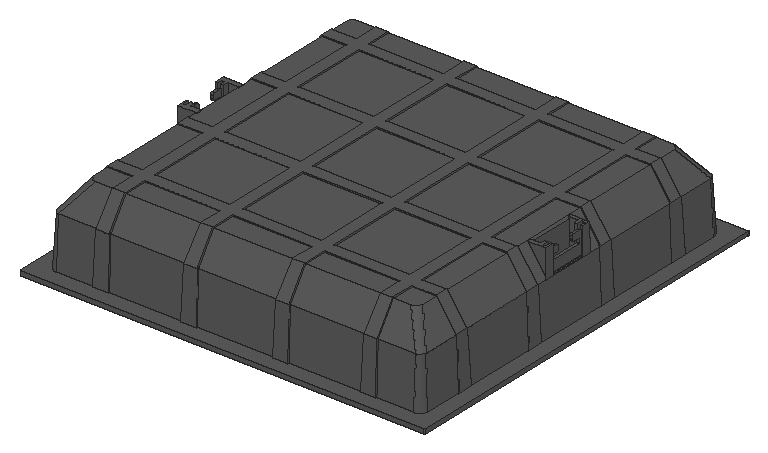
Revit family "STL24908BR_30_40_STL24908PTO_30_40", category Luminárias, Revit 2023
Family settings
  Hospedeiro = Forro
  Cota do conector redondo = Utilizar diâmetro
  Tipo de parte = Normal
  Número OmniClass = 23.80.70.11
  Título OmniClass = Luminaries for Internal Lighting
  Sempre na vertical = Sim
  Corte com vazios quando carregada = Não
  Fonte luminosa = Sim
  Manter orientação da anotação = Não
  Compartilhado = Não
  Ponto de cálculo do ambiente = Não
Parameters (values of type "STL24908PTO/40 - BIVOLT - 4000K - 1200lm - 85°")
  Ângulo de inclinação = 90.00°
  Ângulo de Abertura = "85°"
  Wattage = 8.07853 W
  URL = "https://stella.com.br/"
  Troca de temperatura da cor de lâmpada com esmaecimento = <Nenhum>
  Tensão Elétrica = "100V-240V"
  built-in parameter 1150107 = 4000 (stored number, unit not read)
  Temperatura da cor (K) = 4000 K
  Referência = "STL24908PTO/40 - BIVOLT"
  Potência = 20 W
  built-in parameter 1150110 = 1 (stored number, unit not read)
  built-in parameter 1150109 = 1 (stored number, unit not read)
  built-in parameter 1114218 = 1 (stored number, unit not read)
  built-in parameter 1150112 = 1 (stored number, unit not read)
  built-in parameter 1150113 = 1 (stored number, unit not read)
  built-in parameter 1150132 = 2
  built-in parameter 1150137 = (empty or 0)
  Modelo = "S.Deep - Luminária de Embutir Super-recuada"
  Luminoso = Luminoso - 4000K
  built-in parameter 1150106 = 6.4344 (stored number, unit not read)
  Largura = 0.30 m
  built-in parameter 1150102 = (empty or 0)
  built-in parameter 1150105 = 643.44 (stored number, unit not read)
  IRC (Índice de reprodução de cores) = ">93 (R9 >60)"
  Grau de proteção (IP) = "IP20"
  Fluxo Luminoso = 1200 lm
  Color Filter = 16777215
  built-in parameter 1114217 = 1 (stored number, unit not read)
  built-in parameter 1150139 = (empty or 0)
  Fabricante = "Stella"
  Estrutura = Al - Preto
  Default Elevation = 0.00 m
  built-in parameter 1150104 = 13.8 (stored number, unit not read)
  Dimerização = "20-100%"
  built-in parameter 1150115 = 1 (stored number, unit not read)
  built-in parameter 1150114 = 1 (stored number, unit not read)
  Lumens = 1200 lm
  built-in parameter 1150138 = (empty or 0)
  built-in parameter 1150134 = 12
  Comprimento = 0.30 m
  Arquivo de rede fotométrica = "STELLA - STL24908PTO-40 - PAINEL DE EMBUTIR SUPER RECUADO S.DEEP 20W.ies"
  Altura = 0.062 m
  built-in parameter 1150133 = 10 (stored number, unit not read)
Types (4, lengths in m): name | Wattage | built-in parameter 1150107 | Temperatura da cor (K) | Referência | Luminoso | built-in parameter 1150106 | built-in parameter 1150105 | Fluxo Luminoso | Estrutura | Lumens | built-in parameter 1150134 | Arquivo de rede fotométrica
  STL24908BR/30 - BIVOLT - 3000K - 1600lm - 85° | 10.7714 W | 3000 (stored number, unit not read) | 3000 K | "STL24908BR/30 - BIVOLT" | Luminoso - 3000K | 8.3736 (stored number, unit not read) | 837.36 (stored number, unit not read) | 1600 lm | Al - Branco | 1600 lm | (empty or 0) | "STELLA - STL24908BR-30 - PAINEL DE EMBUTIR SUPER RECUADO S.DEEP 20W.ies"
  STL24908BR/40 - BIVOLT - 4000K - 1700lm - 85° | 11.4446 W | 4000 (stored number, unit not read) | 4000 K | "STL24908BR/40 - BIVOLT" | Luminoso - 4000K | 8.8085 (stored number, unit not read) | 880.85 (stored number, unit not read) | 1700 lm | Al - Branco | 1700 lm | 12 | "STELLA - STL24908BR-40 - PAINEL DE EMBUTIR SUPER RECUADO S.DEEP 20W.ies"
  STL24908PTO/30 - BIVOLT - 3000K - 1100lm - 85° | 7.40531 W | 3000 (stored number, unit not read) | 3000 K | "STL24908PTO/30 - BIVOLT" | Luminoso - 3000K | 5.9297 (stored number, unit not read) | 592.97 (stored number, unit not read) | 1100 lm | Al - Preto | 1100 lm | (empty or 0) | "STELLA - STL24908PTO-30 - PAINEL DE EMBUTIR SUPER RECUADO S.DEEP 20W.ies"
  STL24908PTO/40 - BIVOLT - 4000K - 1200lm - 85° | 8.07853 W | 4000 (stored number, unit not read) | 4000 K | "STL24908PTO/40 - BIVOLT" | Luminoso - 4000K | 6.4344 (stored number, unit not read) | 643.44 (stored number, unit not read) | 1200 lm | Al - Preto | 1200 lm | 12 | "STELLA - STL24908PTO-40 - PAINEL DE EMBUTIR SUPER RECUADO S.DEEP 20W.ies"
Reference planes (m)
  plane 1 "Eixo de origem da luz (F/T)": y = 0
  plane 2: z = 0
  plane 3 "Eixo de origem da luz (E/D)": x = 0
  plane 4 "Forro": z = 2.5015
  plane 5 "Elevação da origem da luz": z = 2.5085
  plane 6: x = -0.15
  plane 7: x = 0.15
  plane 8: y = -0.15
  plane 9: y = 0.15
  plane 10: z = 2.4985
  plane 11 "Superior": z = 2.5605
Forms (m)
  Sweep 1, solid, material "Al - Preto" <- "Estrutura"
    path origin (0, 0, 2.5085) x (-1, 0, 0) y (0, -1, 0)
      loop
        line (0.138099, -0.132108) -> (0.138099, 0.132108)
        arc (0.138099, 0.132108) -> (0.136344, 0.136344) -> (0.132108, 0.138099) r 0.005992
        line (0.132108, 0.138099) -> (-0.132108, 0.138099)
        arc (-0.132108, 0.138099) -> (-0.136344, 0.136344) -> (-0.138099, 0.132108) r 0.005992
        line (-0.138099, 0.132108) -> (-0.138099, -0.132108)
        arc (-0.138099, -0.132108) -> (-0.136344, -0.136344) -> (-0.132108, -0.138099) r 0.005992
        line (-0.132108, -0.138099) -> (0.132108, -0.138099)
        arc (0.132108, -0.138099) -> (0.136344, -0.136344) -> (0.138099, -0.132108) r 0.005992
    profile origin (-0.138099, 0, 2.5085) x (1, 0, 0) y (0, 0, 1)
      loop
        line (0.003932, 0.030013) -> (0.002018, 0.0307) -> (-0.00001, -0.007) -> (0.001992, -0.007) -> (0.003932, 0.030013)
  Blend 2, solid, material "Al - Preto" <- "Estrutura"
    base sketch origin (0, 0, 2.5015) x (0, 1, 0) y (-1, 0, 0)
      loop
        line (0.136082, -0.132113) -> (0.136082, 0.1319)
        arc (0.136082, 0.1319) -> (0.134857, 0.134857) -> (0.1319, 0.136082) r 0.004182
        line (0.1319, 0.136082) -> (-0.132113, 0.136082)
        arc (-0.132113, 0.136082) -> (-0.134932, 0.134914) -> (-0.136099, 0.132095) r 0.003986
        line (-0.136099, 0.132095) -> (-0.136099, -0.132106)
        arc (-0.136099, -0.132106) -> (-0.13493, -0.13493) -> (-0.132106, -0.136099) r 0.003993
        line (-0.132106, -0.136099) -> (0.132095, -0.136099)
        arc (0.132095, -0.136099) -> (0.134914, -0.134932) -> (0.136082, -0.132113) r 0.003986
    top sketch origin (0, 0, 2.5015) x (0, 1, 0) y (-1, 0, 0)
      loop
        line (0.116703, 0.121588) -> (-0.116703, 0.121588)
        arc (-0.116703, 0.121588) -> (-0.120157, 0.120157) -> (-0.121588, 0.116703) r 0.004884
        line (-0.121588, 0.116703) -> (-0.121588, -0.116703)
        arc (-0.121588, -0.116703) -> (-0.120157, -0.120157) -> (-0.116703, -0.121588) r 0.004884
        line (-0.116703, -0.121588) -> (0.116703, -0.121588)
        arc (0.116703, -0.121588) -> (0.120157, -0.120157) -> (0.121588, -0.116703) r 0.004884
        line (0.121588, -0.116703) -> (0.121588, 0.116703)
        arc (0.121588, 0.116703) -> (0.120157, 0.120157) -> (0.116703, 0.121588) r 0.004884
    from 0.0377 to 0.0583
  Blend 3, solid, material "Al - Preto" <- "Estrutura"
    base sketch origin (0, 0, 2.5015) x (0, 1, 0) y (-1, 0, 0)
      loop
        line (0.136607, -0.132108) -> (0.136607, 0.132108)
        arc (0.136607, 0.132108) -> (0.135289, 0.135289) -> (0.132108, 0.136607) r 0.0045
        line (0.132108, 0.136607) -> (-0.132108, 0.136607)
        arc (-0.132108, 0.136607) -> (-0.135289, 0.135289) -> (-0.136607, 0.132108) r 0.0045
        line (-0.136607, 0.132108) -> (-0.136607, -0.132108)
        arc (-0.136607, -0.132108) -> (-0.135289, -0.135289) -> (-0.132108, -0.136607) r 0.0045
        line (-0.132108, -0.136607) -> (0.132108, -0.136607)
        arc (0.132108, -0.136607) -> (0.135289, -0.135289) -> (0.136607, -0.132108) r 0.0045
    top sketch origin (0, 0, 2.5015) x (0, 1, 0) y (-1, 0, 0)
      loop
        line (0.116703, 0.121788) -> (-0.116703, 0.121788)
        arc (-0.116703, 0.121788) -> (-0.120299, 0.120299) -> (-0.121788, 0.116703) r 0.005084
        line (-0.121788, 0.116703) -> (-0.121788, -0.116703)
        arc (-0.121788, -0.116703) -> (-0.120299, -0.120299) -> (-0.116703, -0.121788) r 0.005084
        line (-0.116703, -0.121788) -> (0.116703, -0.121788)
        arc (0.116703, -0.121788) -> (0.120299, -0.120299) -> (0.121788, -0.116703) r 0.005084
        line (0.121788, -0.116703) -> (0.121788, 0.116703)
        arc (0.121788, 0.116703) -> (0.120299, 0.120299) -> (0.116703, 0.121788) r 0.005084
    from 0.037872 to 0.0588
  Extrusion 4, void
    sketch origin (0, 0, 2.5015) x (0, 1, 0) y (-1, 0, 0)
      loop
        line (0.121181, 0.103491) -> (0.136049, 0.103858) -> (0.139669, 0.105017) -> (0.139669, 0.139179) -> (0.104874, 0.139179) -> (0.103862, 0.136142) -> (0.103491, 0.121181) -> (0.103491, 0.103491) -> (0.121181, 0.103491)
      loop
        line (0.121181, 0.094509) -> (0.103491, 0.094509) -> (0.103491, 0.038491) -> (0.121181, 0.038491) -> (0.136049, 0.038858) -> (0.139669, 0.040017) -> (0.139669, 0.092983) -> (0.136049, 0.094142) -> (0.121181, 0.094509)
      loop
        line (0.121181, 0.029509) -> (0.103491, 0.029509) -> (0.103491, -0.029509) -> (0.121181, -0.029509) -> (0.136049, -0.029142) -> (0.139669, -0.027983) -> (0.139669, 0.027983) -> (0.136049, 0.029142) -> (0.121181, 0.029509)
      loop
        line (0.121181, -0.103491) -> (0.103491, -0.103491) -> (0.103491, -0.121181) -> (0.103862, -0.136142) -> (0.104874, -0.139179) -> (0.139669, -0.139179) -> (0.139669, -0.105017) -> (0.136049, -0.103858) -> (0.121181, -0.103491)
      loop
        line (0.121181, -0.094509) -> (0.136049, -0.094142) -> (0.139669, -0.092983) -> (0.139669, -0.040017) -> (0.136049, -0.038858) -> (0.121181, -0.038491) -> (0.103491, -0.038491) -> (0.103491, -0.094509) -> (0.121181, -0.094509)
      loop
        line (-0.121181, 0.103491) -> (-0.103491, 0.103491) -> (-0.103491, 0.121181) -> (-0.103862, 0.136142) -> (-0.104874, 0.139179) -> (-0.139669, 0.139179) -> (-0.139669, 0.105017) -> (-0.136049, 0.103858) -> (-0.121181, 0.103491)
      loop
        line (-0.121181, 0.094509) -> (-0.136049, 0.094142) -> (-0.139669, 0.092983) -> (-0.139669, 0.040017) -> (-0.136049, 0.038858) -> (-0.121181, 0.038491) -> (-0.103491, 0.038491) -> (-0.103491, 0.094509) -> (-0.121181, 0.094509)
      loop
        line (-0.121181, 0.029509) -> (-0.136049, 0.029142) -> (-0.139669, 0.027983) -> (-0.139669, -0.027983) -> (-0.136049, -0.029142) -> (-0.121181, -0.029509) -> (-0.103491, -0.029509) -> (-0.103491, 0.029509) -> (-0.121181, 0.029509)
      loop
        line (-0.121181, -0.103491) -> (-0.136049, -0.103858) -> (-0.139669, -0.105017) -> (-0.139669, -0.139179) -> (-0.104874, -0.139179) -> (-0.103862, -0.136142) -> (-0.103491, -0.121181) -> (-0.103491, -0.103491) -> (-0.121181, -0.103491)
      loop
        line (-0.121181, -0.094509) -> (-0.103491, -0.094509) -> (-0.103491, -0.038491) -> (-0.121181, -0.038491) -> (-0.136049, -0.038858) -> (-0.139669, -0.040017) -> (-0.139669, -0.092983) -> (-0.136049, -0.094142) -> (-0.121181, -0.094509)
      loop
        line (-0.094509, 0.121181) -> (-0.094509, 0.103491) -> (-0.038491, 0.103491) -> (-0.038491, 0.121181) -> (-0.038858, 0.136049) -> (-0.040017, 0.139669) -> (-0.092983, 0.139669) -> (-0.094142, 0.136049) -> (-0.094509, 0.121181)
      loop
        line (-0.029509, 0.121181) -> (-0.029509, 0.103491) -> (0.029509, 0.103491) -> (0.029509, 0.121181) -> (0.029142, 0.136049) -> (0.027983, 0.139669) -> (-0.027983, 0.139669) -> (-0.029142, 0.136049) -> (-0.029509, 0.121181)
      loop
        line (0.094509, 0.121181) -> (0.094142, 0.136049) -> (0.092983, 0.139669) -> (0.040017, 0.139669) -> (0.038858, 0.136049) -> (0.038491, 0.121181) -> (0.038491, 0.103491) -> (0.094509, 0.103491) -> (0.094509, 0.121181)
      loop
        line (-0.094509, -0.121181) -> (-0.094142, -0.136049) -> (-0.092983, -0.139669) -> (-0.040017, -0.139669) -> (-0.038858, -0.136049) -> (-0.038491, -0.121181) -> (-0.038491, -0.103491) -> (-0.094509, -0.103491) -> (-0.094509, -0.121181)
      loop
        line (-0.029509, -0.121181) -> (-0.029142, -0.136049) -> (-0.027983, -0.139669) -> (0.027983, -0.139669) -> (0.029142, -0.136049) -> (0.029509, -0.121181) -> (0.029509, -0.103491) -> (-0.029509, -0.103491) -> (-0.029509, -0.121181)
      loop
        line (0.094509, -0.121181) -> (0.094509, -0.103491) -> (0.038491, -0.103491) -> (0.038491, -0.121181) -> (0.038858, -0.136049) -> (0.040017, -0.139669) -> (0.092983, -0.139669) -> (0.094142, -0.136049) -> (0.094509, -0.121181)
      loop
        line (0.094509, 0.094509) -> (0.038491, 0.094509) -> (0.038491, 0.038491) -> (0.094509, 0.038491) -> (0.094509, 0.094509)
      loop
        line (-0.094509, 0.094509) -> (-0.094509, 0.038491) -> (-0.038491, 0.038491) -> (-0.038491, 0.094509) -> (-0.094509, 0.094509)
      loop
        line (0.094509, -0.094509) -> (0.094509, -0.038491) -> (0.038491, -0.038491) -> (0.038491, -0.094509) -> (0.094509, -0.094509)
      loop
        line (-0.094509, -0.094509) -> (-0.038491, -0.094509) -> (-0.038491, -0.038491) -> (-0.094509, -0.038491) -> (-0.094509, -0.094509)
      loop
        line (0.094509, -0.029509) -> (0.094509, 0.029509) -> (0.038491, 0.029509) -> (0.038491, -0.029509) -> (0.094509, -0.029509)
      loop
        line (-0.094509, -0.029509) -> (-0.038491, -0.029509) -> (-0.038491, 0.029509) -> (-0.094509, 0.029509) -> (-0.094509, -0.029509)
      loop
        line (0.029509, 0.094509) -> (-0.029509, 0.094509) -> (-0.029509, 0.038491) -> (0.029509, 0.038491) -> (0.029509, 0.094509)
      loop
        line (0.029509, 0.029509) -> (-0.029509, 0.029509) -> (-0.029509, -0.029509) -> (0.029509, -0.029509) -> (0.029509, 0.029509)
      loop
        line (0.029509, -0.038491) -> (-0.029509, -0.038491) -> (-0.029509, -0.094509) -> (0.029509, -0.094509) -> (0.029509, -0.038491)
    from 0 to 0.0588
  Sweep 5, solid, material "Al - Preto" <- "Estrutura"
    path origin (0, 0, 2.5085) x (-1, 0, 0) y (0, -1, 0)
      loop
        line (0.138099, -0.132108) -> (0.138099, 0.132108)
        arc (0.138099, 0.132108) -> (0.136344, 0.136344) -> (0.132108, 0.138099) r 0.005992
        line (0.132108, 0.138099) -> (-0.132108, 0.138099)
        arc (-0.132108, 0.138099) -> (-0.136344, 0.136344) -> (-0.138099, 0.132108) r 0.005992
        line (-0.138099, 0.132108) -> (-0.138099, -0.132108)
        arc (-0.138099, -0.132108) -> (-0.136344, -0.136344) -> (-0.132108, -0.138099) r 0.005992
        line (-0.132108, -0.138099) -> (0.132108, -0.138099)
        arc (0.132108, -0.138099) -> (0.136344, -0.136344) -> (0.138099, -0.132108) r 0.005992
    profile origin (-0.138099, 0, 2.5085) x (1, 0, 0) y (0, 0, 1)
      loop
        line (0.001492, -0.007) -> (0.00344, 0.030185) -> (0.001474, 0.030872) -> (-0.000511, -0.007) -> (0.001492, -0.007)
  Extrusion 6, solid, material "Al - Preto" <- "Estrutura"
    sketch origin (0, 0, 0) x (-1, 0, 0) y (0, 0, -1)
      loop
        line (0.121588, -2.5598) -> (0.135722, -2.5598) -> (0.136082, -2.5392) -> (0.121053, -2.5392) -> (0.121588, -2.5598)
    from -0.0215 to 0.0215
  Extrusion 7, solid, material "Al - Preto" <- "Estrutura"
    sketch origin (0, 0, 0) x (0, 1, 0) y (0, 0, -1)
      loop
        line (-0.0155, -2.5562) -> (-0.008, -2.5562)
        arc (-0.008, -2.5562) -> (-0.007293, -2.555907) -> (-0.007, -2.5552) r 0.001
        line (-0.007, -2.5552) -> (-0.007, -2.5527)
        arc (-0.007, -2.5527) -> (-0.007293, -2.551993) -> (-0.008, -2.5517) r 0.001
        line (-0.008, -2.5517) -> (-0.013, -2.5517)
        arc (-0.013, -2.5517) -> (-0.013354, -2.551554) -> (-0.0135, -2.5512) r 0.0005
        line (-0.0135, -2.5512) -> (-0.0135, -2.5481)
        arc (-0.0135, -2.5481) -> (-0.013354, -2.547746) -> (-0.013, -2.5476) r 0.0005
        line (-0.013, -2.5476) -> (0.013, -2.5476)
        arc (0.013, -2.5476) -> (0.013354, -2.547746) -> (0.0135, -2.5481) r 0.0005
        line (0.0135, -2.5481) -> (0.0135, -2.5512)
        arc (0.0135, -2.5512) -> (0.013354, -2.551554) -> (0.013, -2.5517) r 0.0005
        line (0.013, -2.5517) -> (0.008, -2.5517)
        arc (0.008, -2.5517) -> (0.007293, -2.551993) -> (0.007, -2.5527) r 0.001
        line (0.007, -2.5527) -> (0.007, -2.5552)
        arc (0.007, -2.5552) -> (0.007293, -2.555907) -> (0.008, -2.5562) r 0.001
        line (0.008, -2.5562) -> (0.0155, -2.5562)
        arc (0.0155, -2.5562) -> (0.016914, -2.555614) -> (0.0175, -2.5542) r 0.002
        line (0.0175, -2.5542) -> (0.0175, -2.5371) -> (0.0205, -2.5371)
        arc (0.0205, -2.5371) -> (0.021207, -2.536807) -> (0.0215, -2.5361) r 0.001
        line (0.0215, -2.5361) -> (0.0215, -2.5341)
        arc (0.0215, -2.5341) -> (0.021207, -2.533393) -> (0.0205, -2.5331) r 0.001
        line (0.0205, -2.5331) -> (-0.0205, -2.5331)
        arc (-0.0205, -2.5331) -> (-0.021207, -2.533393) -> (-0.0215, -2.5341) r 0.001
        line (-0.0215, -2.5341) -> (-0.0215, -2.5361)
        arc (-0.0215, -2.5361) -> (-0.021207, -2.536807) -> (-0.0205, -2.5371) r 0.001
        line (-0.0205, -2.5371) -> (-0.0175, -2.5371) -> (-0.0175, -2.5542)
        arc (-0.0175, -2.5542) -> (-0.016914, -2.555614) -> (-0.0155, -2.5562) r 0.002
    from 0.132136 to 0.134136
  Extrusion 8, void
    sketch origin (0, 0, 2.5015) x (0, -1, 0) y (1, 0, 0)
      loop
        line (-0.01739, -0.129642) -> (-0.01389, -0.129642) -> (-0.01389, -0.132001) -> (-0.0175, -0.132001) -> (-0.0175, -0.134236) -> (-0.01389, -0.134236) -> (-0.01389, -0.137025) -> (0.01389, -0.137025) -> (0.01389, -0.134236) -> (0.0175, -0.134236) -> (0.0175, -0.132001) -> (0.01389, -0.132001) -> (0.01389, -0.129642) -> (0.01739, -0.129642) -> (0.01739, -0.120352) -> (-0.01739, -0.120352) -> (-0.01739, -0.129642)
    from 0.0379 to 0.0583
  Extrusion 9, void
    sketch origin (0, 0, 0) x (1, 0, 0) y (0, 0, 1)
      loop
        line (-0.123124, 2.5394) -> (-0.122798, 2.55808) -> (-0.121588, 2.5598) -> (-0.13811, 2.5598) -> (-0.13811, 2.5394) -> (-0.123124, 2.5394)
    from -0.0185 to 0.0185
  Extrusion 10, solid, material "Al - Preto" <- "Estrutura"
    sketch origin (0, 0, 0) x (1, 0, 0) y (0, 0, 1)
      loop
        line (0.121588, 2.5598) -> (0.121053, 2.5392) -> (0.136082, 2.5392) -> (0.135722, 2.5598) -> (0.121588, 2.5598)
    from -0.0215 to 0.0215
  Extrusion 11, void
    sketch origin (0, 0, 0) x (-1, 0, 0) y (0, 0, -1)
      loop
        line (-0.123124, -2.5394) -> (-0.13811, -2.5394) -> (-0.13811, -2.5598) -> (-0.121588, -2.5598) -> (-0.122798, -2.55808) -> (-0.123124, -2.5394)
    from -0.0185 to 0.018495
  Extrusion 12, void
    sketch origin (0, 0, 2.5015) x (0, 1, 0) y (-1, 0, 0)
      loop
        line (0.01739, -0.129642) -> (0.01739, -0.120352) -> (-0.01739, -0.120352) -> (-0.01739, -0.129642) -> (-0.01389, -0.129642) -> (-0.01389, -0.132001) -> (-0.0175, -0.132001) -> (-0.0175, -0.134236) -> (-0.01389, -0.134236) -> (-0.01389, -0.137025) -> (0.01389, -0.137025) -> (0.01389, -0.134236) -> (0.0175, -0.134236) -> (0.0175, -0.132001) -> (0.01389, -0.132001) -> (0.01389, -0.129642) -> (0.01739, -0.129642)
    from 0.0379 to 0.0583
  Extrusion 13, solid, material "Al - Preto" <- "Estrutura"
    sketch origin (0, 0, 0) x (0, 1, 0) y (0, 0, 1)
      loop
        arc (-0.0155, 2.5562) -> (-0.016914, 2.555614) -> (-0.0175, 2.5542) r 0.002
        line (-0.0175, 2.5542) -> (-0.0175, 2.5371) -> (-0.0205, 2.5371)
        arc (-0.0205, 2.5371) -> (-0.021207, 2.536807) -> (-0.0215, 2.5361) r 0.001
        line (-0.0215, 2.5361) -> (-0.0215, 2.5341)
        arc (-0.0215, 2.5341) -> (-0.021207, 2.533393) -> (-0.0205, 2.5331) r 0.001
        line (-0.0205, 2.5331) -> (0.0205, 2.5331)
        arc (0.0205, 2.5331) -> (0.021207, 2.533393) -> (0.0215, 2.5341) r 0.001
        line (0.0215, 2.5341) -> (0.0215, 2.5361)
        arc (0.0215, 2.5361) -> (0.021207, 2.536807) -> (0.0205, 2.5371) r 0.001
        line (0.0205, 2.5371) -> (0.0175, 2.5371) -> (0.0175, 2.5542)
        arc (0.0175, 2.5542) -> (0.016914, 2.555614) -> (0.0155, 2.5562) r 0.002
        line (0.0155, 2.5562) -> (0.008, 2.5562)
        arc (0.008, 2.5562) -> (0.007293, 2.555907) -> (0.007, 2.5552) r 0.001
        line (0.007, 2.5552) -> (0.007, 2.5527)
        arc (0.007, 2.5527) -> (0.007293, 2.551993) -> (0.008, 2.5517) r 0.001
        line (0.008, 2.5517) -> (0.013, 2.5517)
        arc (0.013, 2.5517) -> (0.013354, 2.551554) -> (0.0135, 2.5512) r 0.0005
        line (0.0135, 2.5512) -> (0.0135, 2.5481)
        arc (0.0135, 2.5481) -> (0.013354, 2.547746) -> (0.013, 2.5476) r 0.0005
        line (0.013, 2.5476) -> (-0.013, 2.5476)
        arc (-0.013, 2.5476) -> (-0.013354, 2.547746) -> (-0.0135, 2.5481) r 0.0005
        line (-0.0135, 2.5481) -> (-0.0135, 2.5512)
        arc (-0.0135, 2.5512) -> (-0.013354, 2.551554) -> (-0.013, 2.5517) r 0.0005
        line (-0.013, 2.5517) -> (-0.008, 2.5517)
        arc (-0.008, 2.5517) -> (-0.007293, 2.551993) -> (-0.007, 2.5527) r 0.001
        line (-0.007, 2.5527) -> (-0.007, 2.5552)
        arc (-0.007, 2.5552) -> (-0.007293, 2.555907) -> (-0.008, 2.5562) r 0.001
        line (-0.008, 2.5562) -> (-0.0155, 2.5562)
    from 0.132136 to 0.134136
  Extrusion 14, void
    sketch origin (0, 0, 0) x (0, 1, 0) y (0, 0, 1)
      loop
        line (-0.02015, 2.536903) -> (-0.019741, 2.5603) -> (-0.023686, 2.5603) -> (-0.023686, 2.536903) -> (-0.02015, 2.536903)
      loop
        line (0.02015, 2.536903) -> (0.023686, 2.536903) -> (0.023686, 2.5603) -> (0.019741, 2.5603) -> (0.02015, 2.536903)
    from 0.119524 to 0.138099
  Extrusion 15, void
    sketch origin (0, 0, 0) x (0, 1, 0) y (0, 0, -1)
      loop
        line (-0.02015, -2.536903) -> (-0.023686, -2.536903) -> (-0.023686, -2.5603) -> (-0.019741, -2.5603) -> (-0.02015, -2.536903)
      loop
        line (0.02015, -2.536903) -> (0.019741, -2.5603) -> (0.023686, -2.5603) -> (0.023686, -2.536903) -> (0.02015, -2.536903)
    from 0.119524 to 0.138099
  Blend 16, void
    base sketch origin (0, 0, 2.5015) x (0, 1, 0) y (-1, 0, 0)
      loop
        line (0.132073, 0.134385) -> (-0.132073, 0.134385)
        arc (-0.132073, 0.134385) -> (-0.133708, 0.133708) -> (-0.134385, 0.132073) r 0.002313
        line (-0.134385, 0.132073) -> (-0.134385, -0.132073)
        arc (-0.134385, -0.132073) -> (-0.133708, -0.133708) -> (-0.132073, -0.134385) r 0.002313
        line (-0.132073, -0.134385) -> (0.132073, -0.134385)
        arc (0.132073, -0.134385) -> (0.133708, -0.133708) -> (0.134385, -0.132073) r 0.002313
        line (0.134385, -0.132073) -> (0.134385, 0.132073)
        arc (0.134385, 0.132073) -> (0.133708, 0.133708) -> (0.132073, 0.134385) r 0.002313
    top sketch origin (0, 0, 2.5015) x (0, 1, 0) y (-1, 0, 0)
      loop
        line (0.119182, 0.12095) -> (-0.119182, 0.12095)
        arc (-0.119182, 0.12095) -> (-0.120432, 0.120432) -> (-0.12095, 0.119182) r 0.001768
        line (-0.12095, 0.119182) -> (-0.12095, -0.119182)
        arc (-0.12095, -0.119182) -> (-0.120439, -0.120417) -> (-0.119204, -0.120929) r 0.001746
        line (-0.119204, -0.120929) -> (0.119204, -0.120929)
        arc (0.119204, -0.120929) -> (0.120439, -0.120417) -> (0.12095, -0.119182) r 0.001746
        line (0.12095, -0.119182) -> (0.12095, 0.119182)
        arc (0.12095, 0.119182) -> (0.120432, 0.120432) -> (0.119182, 0.12095) r 0.001768
    from -0.003 to 0.032
  Blend 17, solid, material "Al - Preto" <- "Estrutura"
    base sketch origin (0, 0, 2.5015) x (0, 1, 0) y (-1, 0, 0)
      loop
        line (0.132073, 0.136985) -> (-0.132073, 0.136985)
        arc (-0.132073, 0.136985) -> (-0.135546, 0.135546) -> (-0.136985, 0.132073) r 0.004913
        line (-0.136985, 0.132073) -> (-0.136985, -0.132073)
        arc (-0.136985, -0.132073) -> (-0.135546, -0.135546) -> (-0.132073, -0.136985) r 0.004913
        line (-0.132073, -0.136985) -> (0.132073, -0.136985)
        arc (0.132073, -0.136985) -> (0.135546, -0.135546) -> (0.136985, -0.132073) r 0.004913
        line (0.136985, -0.132073) -> (0.136985, 0.132073)
        arc (0.136985, 0.132073) -> (0.135546, 0.135546) -> (0.132073, 0.136985) r 0.004913
    top sketch origin (0, 0, 2.5015) x (0, 1, 0) y (-1, 0, 0)
      loop
        line (0.119182, 0.12355) -> (-0.119182, 0.12355)
        arc (-0.119182, 0.12355) -> (-0.122271, 0.122271) -> (-0.12355, 0.119182) r 0.004368
        line (-0.12355, 0.119182) -> (-0.12355, -0.119182)
        arc (-0.12355, -0.119182) -> (-0.122277, -0.122256) -> (-0.119204, -0.123529) r 0.004346
        line (-0.119204, -0.123529) -> (0.119204, -0.123529)
        arc (0.119204, -0.123529) -> (0.122277, -0.122256) -> (0.12355, -0.119182) r 0.004346
        line (0.12355, -0.119182) -> (0.12355, 0.119182)
        arc (0.12355, 0.119182) -> (0.122271, 0.122271) -> (0.119182, 0.12355) r 0.004368
    from -0.003 to 0.032
  Extrusion 18, solid, material "Al - Preto" <- "Estrutura"
    sketch origin (0, 0, 2.5015) x (0, 1, 0) y (-1, 0, 0)
      loop
        line (0.149301, 0.15) -> (-0.149301, 0.15)
        arc (-0.149301, 0.15) -> (-0.149795, 0.149795) -> (-0.15, 0.149301) r 0.000699
        line (-0.15, 0.149301) -> (-0.15, -0.149301)
        arc (-0.15, -0.149301) -> (-0.149795, -0.149795) -> (-0.149301, -0.15) r 0.000699
        line (-0.149301, -0.15) -> (0.149301, -0.15)
        arc (0.149301, -0.15) -> (0.149795, -0.149795) -> (0.15, -0.149301) r 0.000699
        line (0.15, -0.149301) -> (0.15, 0.149301)
        arc (0.15, 0.149301) -> (0.149795, 0.149795) -> (0.149301, 0.15) r 0.000699
    from -0.003 to 0
  Extrusion 19, solid, material "Luminoso - 4000K" <- "Luminoso"
    sketch origin (0, 0, 0) x (1, 0, 0) y (0, 0, 1)
      loop
        line (0.129, 2.5335) -> (0.129, 2.5345) -> (-0.129, 2.5345) -> (-0.129, 2.5335) -> (0.129, 2.5335)
    from -0.129 to 0.129
  Extrusion 20, void
    sketch origin (0, 0, 2.5015) x (0, 1, 0) y (-1, 0, 0)
      loop
        line (0.15, 0.15) -> (-0.15, 0.15) -> (-0.15, -0.15) -> (0.15, -0.15) -> (0.15, 0.15)
    from -0.003 to 0.059
Cuts and joins
  Extrusion 4, Extrusion 9, Extrusion 11, Extrusion 14 cuts Blend 3
  Extrusion 4 cuts Sweep 5
  Extrusion 8, Extrusion 11, Extrusion 12 cuts Extrusion 6
  Extrusion 12, Extrusion 14, Extrusion 15 cuts Extrusion 10
  Extrusion 9, Extrusion 11 cuts Blend 2
  Extrusion 11, Extrusion 14, Extrusion 15 cuts Extrusion 7
  Extrusion 15 cuts Extrusion 13
  joined: Blend 2, Extrusion 7, Extrusion 13
  Blend 16 cuts Blend 17
  Blend 16 cuts Extrusion 18
  joined: Blend 17, Extrusion 18
Lines and regions (m)
  symbolic lines
    curve 1: line (-0.121588, 0, 2.5598) -> (-0.121588, 0, 2.5648)
Dimensions and locks (m)
  equal spacing: host sketch curve, plane 3 "Eixo de origem da luz (E/D)", host sketch curve
  equal spacing: host sketch curve, plane 1 "Eixo de origem da luz (F/T)", host sketch curve
  host sketch curve to host sketch curve = 0.33 m  (x2)
  plane 4 "Forro" to host ceiling = 0.00 m
  "Comprimento": plane 9 to plane 8
  "Largura": plane 6 to plane 7
  "Altura": plane 10 to plane 11 "Superior"
Automatic sketch dimensions
  plane 6 to curve 1 = 0.028412 m
  curve 1 to curve 1 = 0.005 m
  Sweep 1 sketch curve to plane 7 = 0.011901 m
  Sweep 1 sketch curve to Sweep 1 sketch curve = 0.005992 m  (x3)
  plane 6 to Sweep 1 sketch curve = 0.017892 m  (x2)
  Sweep 1 sketch curve to plane 9 = 0.011901 m
  plane 8 to Sweep 1 sketch curve = 0.017892 m
  profile plane to Sweep 1 sketch curve = 0.00001 m
  Sweep 1 sketch curve to profile plane = 0.001992 m
  Sweep 1 sketch curve to profile plane = 0.002018 m
  Sweep 1 sketch curve to Sweep 1 sketch curve = 0.001914 m
  plane 5 "Elevação da origem da luz" to Sweep 1 sketch curve = 0.007 m
  Sweep 1 sketch curve to plane 5 "Elevação da origem da luz" = 0.030013 m
  Sweep 1 sketch curve to Sweep 1 sketch curve = 0.000687 m
  plane 8 to Blend 2 sketch curve = 0.013901 m
  Blend 2 sketch curve to Blend 2 sketch curve = 0.003986 m  (x2)
  Blend 2 sketch curve to Blend 2 sketch curve = 0.003993 m
  Blend 2 sketch curve to plane 9 = 0.0181 m
  Blend 2 sketch curve to plane 9 = 0.017905 m
  Blend 2 sketch curve to plane 7 = 0.013901 m
  plane 6 to Blend 2 sketch curve = 0.0181 m
  plane 8 to Blend 2 sketch curve = 0.028412 m
  Blend 2 sketch curve to Blend 2 sketch curve = 0.004884 m  (x3)
  Blend 2 sketch curve to plane 9 = 0.033297 m  (x2)
  Blend 2 sketch curve to plane 7 = 0.028412 m
  plane 6 to Blend 2 sketch curve = 0.033297 m
  plane 8 to Blend 3 sketch curve = 0.013393 m
  Blend 3 sketch curve to Blend 3 sketch curve = 0.0045 m  (x3)
  Blend 3 sketch curve to plane 9 = 0.017892 m  (x2)
  Blend 3 sketch curve to plane 7 = 0.013393 m
  plane 6 to Blend 3 sketch curve = 0.017892 m
  plane 8 to Blend 3 sketch curve = 0.028212 m
  Blend 3 sketch curve to Blend 3 sketch curve = 0.005084 m  (x3)
  Blend 3 sketch curve to plane 9 = 0.033297 m  (x2)
  Blend 3 sketch curve to plane 7 = 0.028212 m
  plane 6 to Blend 3 sketch curve = 0.033297 m
  plane 8 to Extrusion 4 sketch curve = 0.010331 m  (x5)
  Extrusion 4 sketch curve to Extrusion 4 sketch curve = 0.00362 m  (x16)
  Extrusion 4 sketch curve to Extrusion 4 sketch curve = 0.014868 m  (x9)
  Extrusion 4 sketch curve to Extrusion 4 sketch curve = 0.00 m  (x42)
  plane 6 to Extrusion 4 sketch curve = 0.010821 m  (x2)
  Extrusion 4 sketch curve to Extrusion 4 sketch curve = 0.034796 m  (x2)
  Extrusion 4 sketch curve to plane 7 = 0.010821 m  (x2)
  plane 6 to Extrusion 4 sketch curve = 0.013858 m  (x2)
  Extrusion 4 sketch curve to Extrusion 4 sketch curve = 0.001012 m  (x4)
  Extrusion 4 sketch curve to plane 7 = 0.013858 m  (x2)
  Extrusion 4 sketch curve to Extrusion 4 sketch curve = 0.000371 m  (x2)
  Extrusion 4 sketch curve to Extrusion 4 sketch curve = 0.01769 m  (x9)
  Extrusion 4 sketch curve to Extrusion 4 sketch curve = 0.008983 m  (x36)
  plane 6 to Extrusion 4 sketch curve = 0.013951 m  (x6)
  Extrusion 4 sketch curve to Extrusion 4 sketch curve = 0.00972 m  (x4)
  Extrusion 4 sketch curve to plane 7 = 0.013951 m  (x6)
  Extrusion 4 sketch curve to Extrusion 4 sketch curve = 0.00116 m  (x28)
  Extrusion 4 sketch curve to plane 7 = 0.010331 m  (x4)
  plane 1 "Eixo de origem da luz (F/T)" to Extrusion 4 sketch curve = 0.040017 m  (x2)
  plane 6 to Extrusion 4 sketch curve = 0.010331 m  (x5)
  Extrusion 4 sketch curve to Extrusion 4 sketch curve = 0.000366 m  (x10)
  plane 1 "Eixo de origem da luz (F/T)" to Extrusion 4 sketch curve = 0.038491 m
  Extrusion 4 sketch curve to Extrusion 4 sketch curve = 0.009715 m  (x12)
  Extrusion 4 sketch curve to plane 1 "Eixo de origem da luz (F/T)" = 0.027983 m  (x2)
  Extrusion 4 sketch curve to plane 1 "Eixo de origem da luz (F/T)" = 0.029509 m  (x2)
  Extrusion 4 sketch curve to Extrusion 4 sketch curve = 0.052966 m  (x3)
  Extrusion 4 sketch curve to plane 9 = 0.055491 m
  Extrusion 4 sketch curve to plane 9 = 0.013951 m  (x4)
  Extrusion 4 sketch curve to Extrusion 4 sketch curve = 0.014961 m  (x3)
  Extrusion 4 sketch curve to Extrusion 4 sketch curve = 0.034162 m  (x2)
  plane 3 "Eixo de origem da luz (E/D)" to Extrusion 4 sketch curve = 0.040017 m  (x2)
  plane 3 "Eixo de origem da luz (E/D)" to Extrusion 4 sketch curve = 0.038491 m  (x2)
  Extrusion 4 sketch curve to plane 3 "Eixo de origem da luz (E/D)" = 0.027983 m  (x2)
  Extrusion 4 sketch curve to plane 3 "Eixo de origem da luz (E/D)" = 0.029509 m  (x2)
  Extrusion 4 sketch curve to Extrusion 4 sketch curve = 0.046196 m
  Extrusion 4 sketch curve to Extrusion 4 sketch curve = 0.041541 m  (x2)
  Sweep 5 sketch curve to plane 7 = 0.011901 m
  Sweep 5 sketch curve to Sweep 5 sketch curve = 0.005992 m  (x3)
  plane 6 to Sweep 5 sketch curve = 0.017892 m  (x2)
  Sweep 5 sketch curve to plane 9 = 0.011901 m
  plane 8 to Sweep 5 sketch curve = 0.017892 m
  profile plane to Sweep 5 sketch curve = 0.000511 m
  Sweep 5 sketch curve to profile plane = 0.001474 m
  Sweep 5 sketch curve to profile plane = 0.001492 m
  Sweep 5 sketch curve to Sweep 5 sketch curve = 0.001967 m
  plane 5 "Elevação da origem da luz" to Sweep 5 sketch curve = 0.007 m
  Sweep 5 sketch curve to plane 5 "Elevação da origem da luz" = 0.030185 m
  Sweep 5 sketch curve to Sweep 5 sketch curve = 0.000687 m
  plane 6 to Extrusion 6 sketch curve = 0.028947 m
  Extrusion 6 sketch curve to Extrusion 6 sketch curve = 0.000535 m
  Extrusion 6 sketch curve to Extrusion 6 sketch curve = 0.014134 m
  plane 6 to Extrusion 6 sketch curve = 0.013918 m
  plane 1 "Eixo de origem da luz (F/T)" to Extrusion 7 sketch curve = 0.0215 m
  Extrusion 7 sketch curve to Extrusion 7 sketch curve = 0.001 m  (x7)
  Extrusion 7 sketch curve to Extrusion 7 sketch curve = 0.003 m  (x2)
  Extrusion 7 sketch curve to Extrusion 7 sketch curve = 0.002 m  (x3)
  Extrusion 7 sketch curve to Extrusion 7 sketch curve = 0.0005 m  (x3)
  Extrusion 7 sketch curve to Extrusion 7 sketch curve = 0.005 m  (x2)
  Extrusion 7 sketch curve to plane 1 "Eixo de origem da luz (F/T)" = 0.007 m
  Extrusion 7 sketch curve to Extrusion 7 sketch curve = 0.00 m  (x3)
  Extrusion 7 sketch curve to Extrusion 7 sketch curve = 0.0025 m  (x3)
  Extrusion 7 sketch curve to Extrusion 7 sketch curve = 0.0045 m
  Extrusion 7 sketch curve to Extrusion 7 sketch curve = 0.0105 m  (x2)
  Extrusion 8 sketch curve to plane 1 "Eixo de origem da luz (F/T)" = 0.0175 m
  Extrusion 8 sketch curve to Extrusion 8 sketch curve = 0.00011 m
  Extrusion 8 sketch curve to Extrusion 8 sketch curve = 0.00361 m  (x2)
  Extrusion 8 sketch curve to Extrusion 8 sketch curve = 0.00 m  (x2)
  plane 1 "Eixo de origem da luz (F/T)" to Extrusion 8 sketch curve = 0.01389 m
  Extrusion 8 sketch curve to Extrusion 8 sketch curve = 0.0035 m
  plane 6 to Extrusion 8 sketch curve = 0.012975 m
  Extrusion 8 sketch curve to Extrusion 8 sketch curve = 0.002789 m  (x2)
  Extrusion 8 sketch curve to Extrusion 8 sketch curve = 0.002235 m  (x2)
  Extrusion 8 sketch curve to Extrusion 8 sketch curve = 0.00236 m  (x2)
  Extrusion 8 sketch curve to Extrusion 8 sketch curve = 0.009289 m
  plane 6 to Extrusion 9 sketch curve = 0.01189 m
  Extrusion 9 sketch curve to Extrusion 9 sketch curve = 0.014985 m
  Extrusion 9 sketch curve to Extrusion 9 sketch curve = 0.015311 m
  Extrusion 9 sketch curve to Extrusion 9 sketch curve = 0.00121 m
  Extrusion 10 sketch curve to plane 7 = 0.028947 m
  Extrusion 10 sketch curve to Extrusion 10 sketch curve = 0.000535 m
  Extrusion 10 sketch curve to Extrusion 10 sketch curve = 0.014134 m
  Extrusion 10 sketch curve to plane 7 = 0.013918 m
  Extrusion 11 sketch curve to plane 7 = 0.01189 m
  Extrusion 11 sketch curve to Extrusion 11 sketch curve = 0.014985 m
  Extrusion 11 sketch curve to Extrusion 11 sketch curve = 0.015311 m
  Extrusion 11 sketch curve to Extrusion 11 sketch curve = 0.00121 m
  plane 1 "Eixo de origem da luz (F/T)" to Extrusion 12 sketch curve = 0.0175 m
  Extrusion 12 sketch curve to Extrusion 12 sketch curve = 0.00011 m  (x2)
  Extrusion 12 sketch curve to Extrusion 12 sketch curve = 0.00361 m
  Extrusion 12 sketch curve to Extrusion 12 sketch curve = 0.00 m  (x2)
  Extrusion 12 sketch curve to plane 1 "Eixo de origem da luz (F/T)" = 0.01389 m
  Extrusion 12 sketch curve to Extrusion 12 sketch curve = 0.0035 m
  Extrusion 12 sketch curve to plane 7 = 0.012975 m
  Extrusion 12 sketch curve to Extrusion 12 sketch curve = 0.002789 m  (x2)
  Extrusion 12 sketch curve to Extrusion 12 sketch curve = 0.002235 m  (x2)
  Extrusion 12 sketch curve to Extrusion 12 sketch curve = 0.00236 m  (x2)
  Extrusion 12 sketch curve to Extrusion 12 sketch curve = 0.009289 m
  plane 1 "Eixo de origem da luz (F/T)" to Extrusion 13 sketch curve = 0.0215 m
  Extrusion 13 sketch curve to Extrusion 13 sketch curve = 0.001 m  (x6)
  Extrusion 13 sketch curve to Extrusion 13 sketch curve = 0.003 m  (x2)
  Extrusion 13 sketch curve to Extrusion 13 sketch curve = 0.002 m  (x4)
  Extrusion 13 sketch curve to Extrusion 13 sketch curve = 0.0005 m  (x3)
  Extrusion 13 sketch curve to Extrusion 13 sketch curve = 0.005 m  (x2)
  Extrusion 13 sketch curve to plane 1 "Eixo de origem da luz (F/T)" = 0.007 m
  Extrusion 13 sketch curve to Extrusion 13 sketch curve = 0.00 m  (x3)
  Extrusion 13 sketch curve to Extrusion 13 sketch curve = 0.0025 m  (x3)
  Extrusion 13 sketch curve to Extrusion 13 sketch curve = 0.0045 m
  plane 1 "Eixo de origem da luz (F/T)" to Extrusion 14 sketch curve = 0.023686 m
  Extrusion 14 sketch curve to Extrusion 14 sketch curve = 0.003536 m  (x2)
  Extrusion 14 sketch curve to Extrusion 14 sketch curve = 0.003945 m
  Extrusion 14 sketch curve to plane 1 "Eixo de origem da luz (F/T)" = 0.019741 m
  Extrusion 14 sketch curve to plane 1 "Eixo de origem da luz (F/T)" = 0.02015 m
  plane 1 "Eixo de origem da luz (F/T)" to Extrusion 15 sketch curve = 0.023686 m
  Extrusion 15 sketch curve to Extrusion 15 sketch curve = 0.003536 m  (x2)
  Extrusion 15 sketch curve to Extrusion 15 sketch curve = 0.003945 m
  Extrusion 15 sketch curve to plane 1 "Eixo de origem da luz (F/T)" = 0.019741 m
  Extrusion 15 sketch curve to plane 1 "Eixo de origem da luz (F/T)" = 0.02015 m
  plane 8 to Blend 16 sketch curve = 0.015615 m
  Blend 16 sketch curve to Blend 16 sketch curve = 0.002313 m  (x3)
  Blend 16 sketch curve to plane 9 = 0.017927 m  (x2)
  Blend 16 sketch curve to plane 7 = 0.015615 m
  plane 6 to Blend 16 sketch curve = 0.017927 m
  plane 8 to Blend 16 sketch curve = 0.02905 m
  Blend 16 sketch curve to Blend 16 sketch curve = 0.001746 m  (x2)
  Blend 16 sketch curve to Blend 16 sketch curve = 0.001768 m
  Blend 16 sketch curve to plane 9 = 0.030818 m
  Blend 16 sketch curve to plane 9 = 0.030796 m
  Blend 16 sketch curve to plane 7 = 0.029071 m
  plane 6 to Blend 16 sketch curve = 0.030818 m
  plane 8 to Blend 17 sketch curve = 0.013015 m
  Blend 17 sketch curve to Blend 17 sketch curve = 0.004913 m  (x3)
  Blend 17 sketch curve to plane 9 = 0.017927 m  (x2)
  Blend 17 sketch curve to plane 7 = 0.013015 m
  plane 6 to Blend 17 sketch curve = 0.017927 m
  plane 8 to Blend 17 sketch curve = 0.02645 m
  Blend 17 sketch curve to Blend 17 sketch curve = 0.004346 m
  Blend 17 sketch curve to Blend 17 sketch curve = 0.004368 m  (x2)
  Blend 17 sketch curve to plane 9 = 0.030818 m
  Blend 17 sketch curve to plane 9 = 0.030796 m
  Blend 17 sketch curve to plane 7 = 0.026471 m
  plane 6 to Blend 17 sketch curve = 0.030818 m
  Extrusion 18 sketch curve to plane 8 = 0.00 m
  Extrusion 18 sketch curve to plane 6 = 0.00 m
  Extrusion 18 sketch curve to plane 7 = 0.00 m
  Extrusion 18 sketch curve to plane 9 = 0.00 m
  Extrusion 18 sketch curve to plane 7 = 0.000699 m  (x2)
  plane 6 to Extrusion 18 sketch curve = 0.000699 m  (x2)
  plane 6 to Extrusion 19 sketch curve = 0.021 m
  Extrusion 19 sketch curve to plane 7 = 0.021 m
  Extrusion 19 sketch curve to Extrusion 19 sketch curve = 0.001 m
  Extrusion 20 sketch curve to plane 6 = 0.00 m
  Extrusion 20 sketch curve to plane 8 = 0.00 m
  Extrusion 20 sketch curve to plane 9 = 0.00 m
  Extrusion 20 sketch curve to plane 7 = 0.00 m
  curve 1 to plane 5 "Elevação da origem da luz" = 0.0513 m
  Extrusion 6 sketch curve to plane 5 "Elevação da origem da luz" = 0.0513 m
  Extrusion 6 sketch curve to Extrusion 6 sketch curve = 0.0206 m
  Extrusion 7 sketch curve to plane 5 "Elevação da origem da luz" = 0.0477 m
  Extrusion 7 sketch curve to Extrusion 7 sketch curve = 0.0031 m
  Extrusion 9 sketch curve to plane 5 "Elevação da origem da luz" = 0.0309 m
  Extrusion 9 sketch curve to Extrusion 9 sketch curve = 0.01868 m
  Extrusion 9 sketch curve to Extrusion 9 sketch curve = 0.00172 m
  Extrusion 10 sketch curve to plane 5 "Elevação da origem da luz" = 0.0307 m
  Extrusion 10 sketch curve to Extrusion 10 sketch curve = 0.0206 m
  Extrusion 11 sketch curve to plane 5 "Elevação da origem da luz" = 0.0513 m
  Extrusion 11 sketch curve to Extrusion 11 sketch curve = 0.00172 m
  Extrusion 11 sketch curve to Extrusion 11 sketch curve = 0.0204 m
  Extrusion 13 sketch curve to plane 5 "Elevação da origem da luz" = 0.0246 m
  Extrusion 13 sketch curve to Extrusion 13 sketch curve = 0.0105 m
  Extrusion 13 sketch curve to Extrusion 13 sketch curve = 0.0031 m  (x2)
  Extrusion 14 sketch curve to plane 5 "Elevação da origem da luz" = 0.028403 m  (x2)
  Extrusion 14 sketch curve to Extrusion 14 sketch curve = 0.023397 m  (x2)
  Extrusion 15 sketch curve to plane 5 "Elevação da origem da luz" = 0.0518 m
  Extrusion 15 sketch curve to Extrusion 15 sketch curve = 0.00 m
  Extrusion 15 sketch curve to Extrusion 15 sketch curve = 0.023397 m  (x2)
  Extrusion 19 sketch curve to plane 5 "Elevação da origem da luz" = 0.025 m
Connectors (m)
  electrical at (0, 0, 2.5605)
    settings: index 1, voltage 0 V, apparent load 0 VA, apparent load phase1 0 VA, apparent load phase2 0 VA, apparent load phase3 0 VA, power factor 1, load classification "Outro", number of poles 1, system type 31, power factor state 1, is connector primary yes, connector utility no, sub classification motor no, connector description ""
